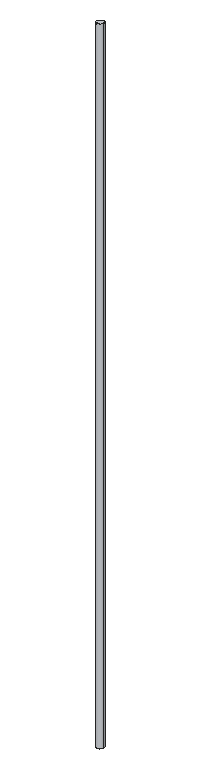
Revit family "0066758 Sylvania Lighting Fixture Skyline Street XL 17-30klm NW WR35 I 9022", category Lighting Fixtures, host Face, Revit 2016
Family settings
  Host = Face
  Part Type = Normal
  Round Connector Dimension = Use Diameter
  OmniClass Number = 23.80.70.00
  OmniClass Title = Lighting
  Cut with Voids When Loaded = No
  Light Source = Yes
  Shared = No
  Room Calculation Point = No
Parameters (values of type "0066758 SKS XL 17-30KLM NW WR35 I 9022 ")
  base height = 40 mm
  backplate diameter = 256 mm
  Weight = "n/a"
  Wattage Comments = ""
  Wattage = 9.2903 W
  WarrantyStartDate [instance] = "n/a"
  WarrantyGuarantorParts = "n/a"
  WarrantyDurationUnit = "n/a"
  WarrantyDurationParts = ""
  WarrantyDescription = "http://www.sylvania-lighting.com"
  built-in parameter 1150110 = 1 (stored number, unit not read)
  Voltage = 0 V
  URL = "0.98"
  TypeName = "Skyline Street XL 17-30klm NW WR35 I 9022"
  Type Image = <None>
  Type Comments = "n/a"
  Tube Diameter = 80 mm
  built-in parameter 1114217 = 1 (stored number, unit not read)
  Tilt Angle = 90.00°
  built-in parameter 1150109 = 1 (stored number, unit not read)
  built-in parameter 1150134 = 3
  built-in parameter 1150113 = 1 (stored number, unit not read)
  SerialNumber [instance] = "n/a"
  Photometric Web File = "0066758.ies"
  Material_3_FEILO = none
  PowerFactor = 0
  PowerConsumption = "Lighting"
  NominalLength = 415 mm
  NominalHeight = 0 mm
  NominalDepth = 0 mm
  Name = "Skyline Street XL 17-30klm NW WR35 I 9022"
  ModelReference = Name  # "Skyline Street XL 17-30klm NW WR35 I 9022"
  ModelNumber = "0066758"
  Model = Name  # "Skyline Street XL 17-30klm NW WR35 I 9022"
  Material = "Feilo Sylvania"
  ManufacturerName = "127 lm/W"
  Manufacturer = ""
  LuminousEfficacy = ""
  built-in parameter 1150105 = 109.82 (stored number, unit not read)
  Lumens = 1380 lm
  LuminaireType = "0"
  built-in parameter 1150115 = 1 (stored number, unit not read)
  LightOutputRatio = "LED"
  built-in parameter 1150137 = (empty or 0)
  built-in parameter 1150139 = (empty or 0)
  LampsType = Lamp  # "n/a"
  LampNominalLuminous = "4000 K"
  LampMacAdamStep = "70"
  LampColourTemperature = "LED"
  LampColourRenderingIndex = "16500"
  built-in parameter 1150112 = 1 (stored number, unit not read)
  built-in parameter 1150114 = 1 (stored number, unit not read)
  Lamp = "n/a"
  Keynote = "n/a"
  InstallationDate [instance] = "n/a"
  InputVoltage = "0"
  InputNominalFrequency = "4000"
  built-in parameter 1150132 = (empty or 0)
  built-in parameter 1150102 = (empty or 0)
  built-in parameter 1150107 = 3200 (stored number, unit not read)
  built-in parameter 1150138 = (empty or 0)
  IngressProtection = "IfcLightFixtureType"
  ImpactProtectionIndex = "IfcLightFixtureType"
  built-in parameter 1150106 = 1.0982 (stored number, unit not read)
  IfcExportType = "IfcLightFixtureType"
  IfcExportAs = "Class I"
  Height = 250 mm
  ExpectedLife = 50000
  Emit from Circle Diameter = 609.6 mm
  Emit Shape Visible in Rendering = no
  ElectricShockClassification = "127"
  built-in parameter 1150104 = 13.8 (stored number, unit not read)
  DurationUnit = "hours"
  DocumentationLiterature = "http://www.sylvania-lighting.com/product/en-int/products/0066758"
  DimmingControlOptions = "n/a"
  Material_2_FEILO = none
  Dimming Lamp Color Temperature Shift = <None>
  Diameter = 350 mm
  Description = "The Skyline Street family is dedicated for road lighting applications. Light distribution: WR35 - Wide Road, color temperature: 4000K , total system power: 244W, total fixture output: 30982lm, luminaire efficacy: 127lm/W, LOR: 100%, colour rendering index: 70, LED Chromaticity: 5 step MacAdam ellipse tolerance, lifetime: 100000 hours at L90B50 @ 50°C, energy class: A++, A+, A, operating voltage: 220-240V / 50-60Hz, electronic driver, Without Controls, power factor: min. 0.9, electrical protection: Class I, Ingress protection rating: IP66, Impact resistance: IK08, dimensions: 915 x 415 x 140mm, weight: 15 kg, for 42-60mm side entry or post top installation with +/-15° adjustability, the housing is made of Die Cast Aluminium in RAL9022 color combined with tempered flat glass cover."
  Default Elevation = 1219.2 mm
  CreatedOn = "02/12/2019"
  CreatedBy = "@sylvania-lighting.com"
  Cost = 0
  Color Filter = 16777215
  built-in parameter 1114216 [instance] = (empty or 0)
  ClassificationValue = "EF_70_80"
  ClassificationName = "Uniclass2015"
  Material_1_FEILO = none
  BarCode [instance] = "n/a"
  built-in parameter 1114218 = 1 (stored number, unit not read)
  built-in parameter 1150133 = 10 (stored number, unit not read)
  AssetType = "Fixed"
  AssetIdentifier [instance] = "n/a"
  Assembly Code = "D5020200"
  Apparent Load = 244 VA
  Material_4_FEILO = none
Reference planes
  plane 1 "Center (Front/Back)": y = 0
  plane 2: z = 0
  plane 3 "Center (Left/Right)": x = 0
  plane 4: z = 0
  plane 5: y = 128
  plane 6: y = -128
  plane 7: y = 175
  plane 8: y = -175
  plane 9: z = 40
Forms (mm)
  Extrusion 1, solid, detail levels coarse
    sketch origin (43.618, 0, 5999.295) x (1, 0, 0) y (0, 0, 1)
      loop
        line (-755, 240.919) -> (-755, 0.868) -> (39.922, 0.868) -> (39.922, 240.919) -> (-755, 240.919)
    from -207.534 to 207.466
  Extrusion 2, solid
    sketch origin (4.2, 0, 0) x (1, 0, 0) y (0, 1, 0)
      loop
        circle (-4.2, 0) r 30
    from 0 to 6000
Dimensions and locks
  "backplate diameter": plane 5 to plane 6
  equal spacing: plane 5, plane 1 "Center (Front/Back)", plane 6
  "Diameter": plane 7 to plane 8
  equal spacing: plane 7, plane 1 "Center (Front/Back)", plane 8
  "base height": plane 9 to level
  aligned and locked: plane 2 to host face
  aligned and locked: level to host face
Automatic sketch dimensions
  host sketch curve to host sketch curve = 2438.4 mm  (x2)
  level to Extrusion 1 sketch curve = 6000.163 mm
  Extrusion 1 sketch curve to plane 3 "Center (Left/Right)" = 711.382 mm
  plane 3 "Center (Left/Right)" to Extrusion 1 sketch curve = 83.54 mm
  plane 9 to Extrusion 1 sketch curve = 6200.213 mm
  plane 1 "Center (Front/Back)" to Extrusion 2 sketch curve = 0 mm
  Extrusion 2 sketch curve to plane 3 "Center (Left/Right)" = 0 mm
  radius of Extrusion 2 sketch curve = 30 mm
Connectors
  electrical at (0, 0, 0), driven by "Apparent Load", driven by "PowerFactor", driven by "Voltage"
    settings: index 1, voltage 0 V, apparent load 244 VA, apparent load phase1 0 VA, apparent load phase2 0 VA, apparent load phase3 0 VA, power factor 0, load classification "Lighting", number of poles 1, system type 30, power factor state 1, is connector primary yes, connector utility no, sub classification motor no, connector description ""
